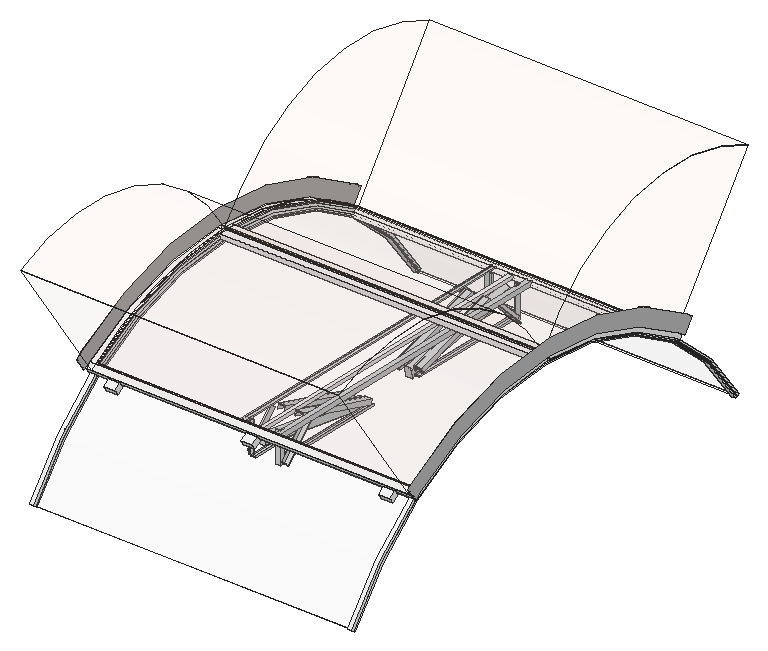
Revit family "Aluco Fire SL 2P (HI) (pl)", category Modele ogólne, Revit 2020 (continued)
Definition of nested family "Siłownik klapy dwuskrzydłowej 2"
  Forms (mm)
    Sweep 8, solid, detail levels medium+fine
      profile origin (425.31, 0, -142.096) x (0.1674, 0, 0.985889) y (0, -1, 0)
        loop
          line (22.5, 23.536) -> (-22.5, 23.536) -> (-26.036, 20) -> (-26.036, 0)
    Sweep 9, solid, detail levels medium+fine
      path in 3D
        loop
          line (802.089, -54.464, -173.632) -> (265, -54.464, -15.092)
      profile origin (533.545, -54.464, -94.362) x (-0.283108, 0, -0.959088) y (0, -1, 0)
        loop
          line (11.579, -23.536) -> (11.579, -20.536) -> (-12.421, -20.536) -> (-12.421, 20.536) -> (11.579, 20.536) -> (11.579, 23.536) -> (-15.421, 23.536) -> (-15.421, -23.536) -> (11.579, -23.536)
    Sweep 10, solid, detail levels medium+fine
      path in 3D
        loop
          line (802.089, 55.536, -173.632) -> (265, 55.536, -15.092)
      profile origin (533.545, 55.536, -94.362) x (-0.283108, 0, -0.959088) y (0, -1, 0)
        loop
          line (11.579, -23.536) -> (11.579, -20.536) -> (-12.421, -20.536) -> (-12.421, 20.536) -> (11.579, 20.536) -> (11.579, 23.536) -> (-15.421, 23.536) -> (-15.421, -23.536) -> (11.579, -23.536)
  Lines and regions (mm)
    reference lines
      curve 1: line (0, -125, 0) -> (1500, -125, 0)
      curve 2: line (0, 125, 0) -> (1500, 125, 0)
      curve 7: line (41.93, 0, -77) -> (1060.8, 0, -250)
      curve 9: line (864.842, -54.464, -192.156) -> (265, -54.464, -15.092)
      curve 11: line (864.842, 55.536, -192.156) -> (265, 55.536, -15.092)
    sketch lines
      curve 3: line (87.677, -98.752, -199.873) -> (260.918, -98.752, -26.632)
      curve 4: line (87.677, 98, -199.873) -> (260.918, 98, -26.632)
      curve 5: line (50.727, 63, -200.156) -> (817.931, 63, -200.156)
      curve 6: line (87.931, -63, -200.156) -> (817.931, -63, -200.156)
      curve 8: line (41.93, 0, -77) -> (808.69, 0, -207.193)
      curve 10: line (802.089, -54.464, -173.632) -> (265, -54.464, -15.092)
      curve 12: line (802.089, 55.536, -173.632) -> (265, 55.536, -15.092)
  Dimensions and locks
    "Długość prowadnic": plane 8 to plane 3 "Środek (Lewa/Prawa)"
    locked: plane 2 to plane 4 at 200
    equal spacing: plane 5, plane 1 "Środek (Przód/Tył)", plane 6
    locked: plane 5 to plane 6 at 250
    locked: plane 9 to plane 11 at 20
    locked: plane 12 to plane 10 at 20
    equal spacing: plane 11, plane 1 "Środek (Przód/Tył)", plane 12, locked at 78 each
    plane 17 to plane 19 = 400 mm
    aligned and locked: plane 2 to Extrusion 1
    aligned and locked: level to Extrusion 1
    aligned and locked: plane 5 to curve 1
    aligned and locked: plane 20 to Sweep 3
    aligned and locked: plane 20 to Sweep 2
    aligned and locked: plane 22 to curve 7
    aligned and locked: plane 24 to curve 9
    aligned and locked: curve 9 to Sweep 7
  Automatic sketch dimensions
    Extrusion 1 sketch curve to Extrusion 1 sketch curve = 2438.4 mm  (x2)
    curve 7 to plane 16 = 0 mm
    curve 7 to plane 15 = 0 mm
    plane 23 to curve 7 = 0.084 mm
    curve 1 to level = 0 mm
    curve 1 to plane 3 "Środek (Lewa/Prawa)" = 0 mm
    plane 8 to curve 1 = 0 mm
    curve 2 to level = 0 mm
    curve 2 to plane 3 "Środek (Lewa/Prawa)" = 0 mm
    plane 8 to curve 2 = 0 mm
    plane 25 to curve 9 = 0 mm
    plane 4 to curve 9 = 7.844 mm
    curve 9 to level = 15.092 mm
    plane 24 to curve 11 = 0 mm
    plane 25 to curve 11 = 0 mm
    plane 4 to curve 11 = 7.844 mm
    curve 11 to level = 15.092 mm
    Sweep 2 sketch curve to plane 4 = 0 mm
    Sweep 2 sketch curve to level = 0 mm
    Sweep 2 sketch curve to plane 20 = 13 mm
    profile plane to Sweep 2 sketch curve = 0 mm
    Sweep 2 sketch curve to profile plane = 3 mm
    Sweep 2 sketch curve to Sweep 2 sketch curve = 24 mm
    profile plane to Sweep 2 sketch curve = 13 mm
    Sweep 2 sketch curve to Sweep 2 sketch curve = 3 mm
    Sweep 2 sketch curve to profile plane = 14 mm
    Sweep 3 sketch curve to plane 4 = 0 mm
    Sweep 3 sketch curve to level = 0 mm
    Sweep 3 sketch curve to plane 20 = 13 mm
    Sweep 3 sketch curve to profile plane = 0 mm
    Sweep 3 sketch curve to profile plane = 3 mm
    Sweep 3 sketch curve to Sweep 3 sketch curve = 24 mm
    profile plane to Sweep 3 sketch curve = 14 mm
    Sweep 3 sketch curve to profile plane = 10 mm
    Sweep 3 sketch curve to Sweep 3 sketch curve = 3 mm
    profile plane to Sweep 4 sketch curve = 0 mm
    profile plane to Sweep 4 sketch curve = 0.18 mm
    Sweep 4 sketch curve to profile plane = 2.82 mm
    Sweep 4 sketch curve to Sweep 4 sketch curve = 27 mm  (x2)
    Sweep 4 sketch curve to Sweep 4 sketch curve = 3 mm
    Sweep 5 sketch curve to profile plane = 0 mm
    profile plane to Sweep 5 sketch curve = 3 mm
    profile plane to Sweep 5 sketch curve = 29.82 mm
    profile plane to Sweep 5 sketch curve = 2.82 mm
    Sweep 5 sketch curve to profile plane = 0.18 mm
    Sweep 5 sketch curve to Sweep 5 sketch curve = 27 mm
    Sweep 6 sketch curve to profile plane = 0 mm  (x2)
    profile plane to Sweep 6 sketch curve = 1.5 mm
    Sweep 6 sketch curve to Sweep 6 sketch curve = 6.5 mm  (x2)
    Sweep 6 sketch curve to profile plane = 13.5 mm
    Sweep 6 sketch curve to Sweep 6 sketch curve = 1.5 mm  (x2)
    profile plane to Sweep 6 sketch curve = 13.5 mm
    profile plane to Sweep 7 sketch curve = 0.001 mm
    Sweep 7 sketch curve to profile plane = 1.5 mm
    Sweep 7 sketch curve to Sweep 7 sketch curve = 6.499 mm
    Sweep 7 sketch curve to Sweep 7 sketch curve = 6.5 mm
    Sweep 7 sketch curve to profile plane = 15 mm
    Sweep 7 sketch curve to Sweep 7 sketch curve = 1.483 mm
    profile plane to Sweep 7 sketch curve = 13.5 mm
    Sweep 7 sketch curve to Sweep 7 sketch curve = 1.5 mm
    Sweep 8 sketch curve to profile plane = 0 mm  (x2)
    profile plane to Sweep 8 sketch curve = 26.036 mm
    Sweep 8 sketch curve to Sweep 8 sketch curve = 3.536 mm  (x4)
    Sweep 8 sketch curve to profile plane = 7.692 mm
    Sweep 8 sketch curve to profile plane = 22.5 mm  (x2)
    Sweep 8 sketch curve to Sweep 8 sketch curve = 20 mm
    profile plane to Sweep 9 sketch curve = 15.421 mm
    Sweep 9 sketch curve to Sweep 9 sketch curve = 3 mm  (x3)
    Sweep 9 sketch curve to profile plane = 11.579 mm  (x2)
    Sweep 9 sketch curve to profile plane = 23.536 mm
    profile plane to Sweep 9 sketch curve = 20.536 mm
    profile plane to Sweep 10 sketch curve = 15.421 mm
    Sweep 10 sketch curve to Sweep 10 sketch curve = 3 mm  (x3)
    Sweep 10 sketch curve to profile plane = 11.579 mm  (x2)
    Sweep 10 sketch curve to profile plane = 23.536 mm
    profile plane to Sweep 10 sketch curve = 20.536 mm
Types (6, lengths in mm): name | Zasilanie | System ekonomiczny | System bezmostkowy | Rodzaj napędu | Montaż | Model | Komentarze do typu
  system ekonomiczny z napędem pneumatycznym | 0 V | yes | no | "napęd pneumatyczny" | "w pasmach świetlnych łukowych systemu ALUCO SKYLIGHT" | "FIRE SL 2P" | "Klapa oddymiająca w systemie ekonomicznym"
  system bezmostkowy z napędem pneumatycznym | 0 V | no | yes | "napęd pneumatyczny" | "w pasmach świetlnych łukowych systemu ALUCO SKYLIGHT lub ALUCO SKYLIGHT THERM" | "FIRE SL 2P (HI)" | "Klapa oddymiająca w systemie bezmostkowym o podwyższonej izolacyjności termicznej"
  system bezmostkowy z napędem elektrycznym | 230 V | no | yes | "napęd elektryczny" | "w pasmach świetlnych łukowych systemu ALUCO SKYLIGHT lub ALUCO SKYLIGHT THERM" | "FIRE SL 2P (HI)" | "Klapa oddymiająca w systemie bezmostkowym o podwyższonej izolacyjności termicznej"
  system ekonomiczny z napędem elektrycznym | 230 V | no | yes | "napęd elektryczny" | "w pasmach świetlnych łukowych systemu ALUCO SKYLIGHT lub ALUCO SKYLIGHT THERM" | "FIRE SL 2P (HI)" | "Klapa oddymiająca w systemie ekonomicznym"
  system ekonomiczny z napędem pneumatyczno-elektrycznym | 230 V | no | yes | "napęd pneumatyczno-elektryczny" | "w pasmach świetlnych łukowych systemu ALUCO SKYLIGHT lub ALUCO SKYLIGHT THERM" | "FIRE SL 2P (HI)" | "Klapa oddymiająca w systemie ekonomicznym"
  system bezmostkowy z napędem pneumatyczno-elektrycznym | 230 V | no | yes | "napęd pneumatyczno-elektryczny" | "w pasmach świetlnych łukowych systemu ALUCO SKYLIGHT lub ALUCO SKYLIGHT THERM" | "FIRE SL 2P (HI)" | "Klapa oddymiająca w systemie bezmostkowym o podwyższonej izolacyjności termicznej"
